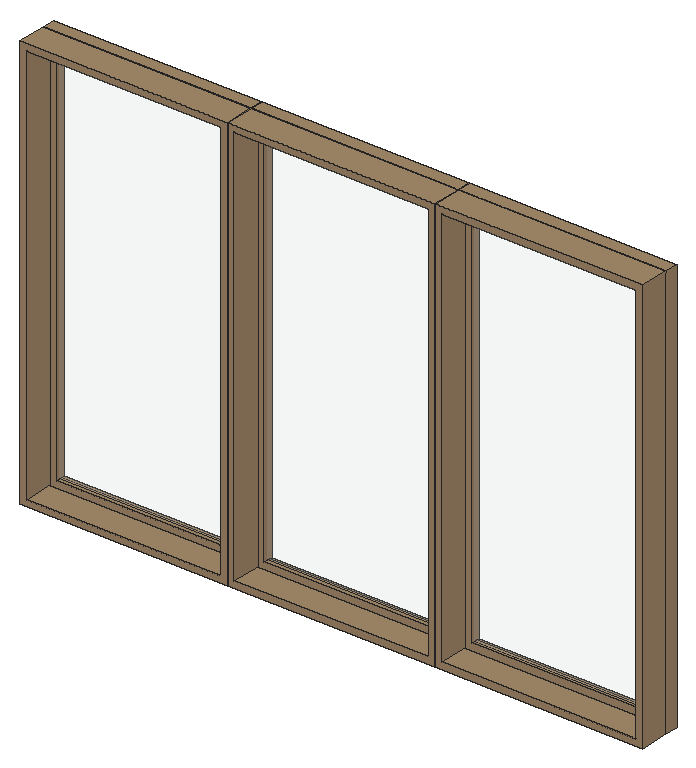
Revit family "3.00X2.00_Window_Vw", category Windows, host Wall, Revit 2021
Family settings
  Host = Wall
  OmniClass Number = 23.30.20.17.11
  OmniClass Title = Fixed Windows
  Always vertical = Yes
  Cut with Voids When Loaded = No
  Shared = No
  Room Calculation Point = No
Parameters (values of type "3.00 x 2.00")
  Window Width [instance] = 1.00 m
  Window Height [instance] = 2.00 m
  Visual Light Transmittance = 0.9
  Type Image = Artboard 1.png
  Thermal Resistance (R) = 1.53941 (h·ft²·°F)/BTU
  Solar Heat Gain Coefficient = 0.78
  Define Thermal Properties by = Schematic Type
  Construction Type Id = "GSP4R"
  Heat Transfer Coefficient (U) = 0.6496 BTU/(h·ft²·°F)
  Assembly Code = "B2020100"
  Glass Pane Material = Glass
  Height = 2.00 m
  Sash Material = Sash
  Default Sill Height = 0.9144 m
  Wall Closure = By host
  Width = 1.00 m
  Window Inset = 0.01905 m
  Analytic Construction = "1/8 in Pilkington single glazing"
Types (4, lengths in m): name | Type Image | Height | Width
  3.00 x 2.00 | Artboard 1.png | 2.00 | 1.00
  2 x 2 | <None> | 2.06 | 2.06
  0.53 | <None> | 2.10 | 0.53
  1 x 2 | <None> | 2.00 | 1.00
Reference planes (m)
  plane 1: y = 0
  plane 2: z = 0
  plane 3 "Center": x = -0.0381
  plane 4 "Left": x = -0.5381
  plane 5 "Right": x = 0.4619
  plane 6 "Sill": z = 0.9144
  plane 7 "Top": z = 2.9144
  plane 8: y = 0.1016
  plane 9: y = -0.1016
  plane 10: y = 0.08255
  plane 11: x = -0.51905
  plane 12: x = -0.50635
  plane 13: x = 0.44285
  plane 14: x = 0.43015
  plane 15: z = 2.89535
  plane 16: z = 2.88265
  plane 17: z = 0.94615
  plane 18 "Closure": y = 0.053975
Forms (m)
  Extrusion 1, solid, material "Sash" <- "Sash Material"
    sketch origin (0, 0, 0) x (1, 0, 0) y (0, 0, 1)
      loop
        line (-0.5381, 2.9144) -> (-0.5381, 0.9144) -> (0.4619, 0.9144) -> (0.4619, 2.9144) -> (-0.5381, 2.9144)
      loop
        line (-0.51905, 2.89535) -> (-0.51905, 0.93345) -> (0.44285, 0.93345) -> (0.44285, 2.89535) -> (-0.51905, 2.89535)
    from -0.1016 to -0.0381
  Extrusion 2, solid, material "Sash" <- "Sash Material"
    sketch origin (0, 0, 0) x (-1, 0, 0) y (0, 0, 1)
      loop
        line (-0.4619, 2.9144) -> (-0.4619, 0.9144) -> (0.5381, 0.9144) -> (0.5381, 2.9144) -> (-0.4619, 2.9144)
      loop
        line (-0.43015, 2.88265) -> (-0.43015, 0.94615) -> (0.50635, 0.94615) -> (0.50635, 2.88265) -> (-0.43015, 2.88265)
    from 0.0381 to -0.1016
  Extrusion 3, solid, material "Sash" <- "Sash Material"
    sketch origin (0, 0, 0) x (-1, 0, 0) y (0, 0, 1)
      loop
        line (-0.44285, 2.89535) -> (-0.44285, 0.93345) -> (0.51905, 0.93345) -> (0.51905, 2.89535) -> (-0.44285, 2.89535)
      loop
        line (-0.3984, 2.8509) -> (-0.3984, 0.9779) -> (0.4746, 0.9779) -> (0.4746, 2.8509) -> (-0.3984, 2.8509)
    from 0.0381 to 0.08255
  Extrusion 4, solid, material "Glass" <- "Glass Pane Material"
    sketch origin (-0.124971, 0, -0.117036) x (1, 0, 0) y (0, 0, 1)
      loop
        line (-0.349629, 2.967936) -> (-0.349629, 1.094936) -> (0.523371, 1.094936) -> (0.523371, 2.967936) -> (-0.349629, 2.967936)
    from -0.066675 to -0.053975
  Extrusion 5, solid, material "Sash" <- "Sash Material"
    sketch origin (-1, 0, 0) x (1, 0, 0) y (0, 0, 1)
      loop
        line (-0.5381, 2.9144) -> (-0.5381, 0.9144) -> (0.4619, 0.9144) -> (0.4619, 2.9144) -> (-0.5381, 2.9144)
      loop
        line (-0.51905, 2.89535) -> (-0.51905, 0.93345) -> (0.44285, 0.93345) -> (0.44285, 2.89535) -> (-0.51905, 2.89535)
    from -0.1016 to -0.0381
  Extrusion 6, solid, material "Sash" <- "Sash Material"
    sketch origin (-1, 0, 0) x (-1, 0, 0) y (0, 0, 1)
      loop
        line (-0.4619, 2.9144) -> (-0.4619, 0.9144) -> (0.5381, 0.9144) -> (0.5381, 2.9144) -> (-0.4619, 2.9144)
      loop
        line (-0.43015, 2.88265) -> (-0.43015, 0.94615) -> (0.50635, 0.94615) -> (0.50635, 2.88265) -> (-0.43015, 2.88265)
    from 0.0381 to -0.1016
  Extrusion 7, solid, material "Sash" <- "Sash Material"
    sketch origin (-1, 0, 0) x (-1, 0, 0) y (0, 0, 1)
      loop
        line (-0.44285, 2.89535) -> (-0.44285, 0.93345) -> (0.51905, 0.93345) -> (0.51905, 2.89535) -> (-0.44285, 2.89535)
      loop
        line (-0.3984, 2.8509) -> (-0.3984, 0.9779) -> (0.4746, 0.9779) -> (0.4746, 2.8509) -> (-0.3984, 2.8509)
    from 0.0381 to 0.08255
  Extrusion 8, solid, material "Glass" <- "Glass Pane Material"
    sketch origin (-1.124971, 0, -0.117036) x (1, 0, 0) y (0, 0, 1)
      loop
        line (-0.349629, 2.967936) -> (-0.349629, 1.094936) -> (0.523371, 1.094936) -> (0.523371, 2.967936) -> (-0.349629, 2.967936)
    from -0.066675 to -0.053975
  Extrusion 9, solid, material "Sash" <- "Sash Material"
    sketch origin (-2, 0, 0) x (1, 0, 0) y (0, 0, 1)
      loop
        line (-0.5381, 2.9144) -> (-0.5381, 0.9144) -> (0.4619, 0.9144) -> (0.4619, 2.9144) -> (-0.5381, 2.9144)
      loop
        line (-0.51905, 2.89535) -> (-0.51905, 0.93345) -> (0.44285, 0.93345) -> (0.44285, 2.89535) -> (-0.51905, 2.89535)
    from -0.1016 to -0.0381
  Extrusion 10, solid, material "Sash" <- "Sash Material"
    sketch origin (-2, 0, 0) x (-1, 0, 0) y (0, 0, 1)
      loop
        line (-0.4619, 2.9144) -> (-0.4619, 0.9144) -> (0.5381, 0.9144) -> (0.5381, 2.9144) -> (-0.4619, 2.9144)
      loop
        line (-0.43015, 2.88265) -> (-0.43015, 0.94615) -> (0.50635, 0.94615) -> (0.50635, 2.88265) -> (-0.43015, 2.88265)
    from 0.0381 to -0.1016
  Extrusion 11, solid, material "Sash" <- "Sash Material"
    sketch origin (-2, 0, 0) x (-1, 0, 0) y (0, 0, 1)
      loop
        line (-0.44285, 2.89535) -> (-0.44285, 0.93345) -> (0.51905, 0.93345) -> (0.51905, 2.89535) -> (-0.44285, 2.89535)
      loop
        line (-0.3984, 2.8509) -> (-0.3984, 0.9779) -> (0.4746, 0.9779) -> (0.4746, 2.8509) -> (-0.3984, 2.8509)
    from 0.0381 to 0.08255
  Extrusion 12, solid, material "Glass" <- "Glass Pane Material"
    sketch origin (-2.124971, 0, -0.117036) x (1, 0, 0) y (0, 0, 1)
      loop
        line (-0.349629, 2.967936) -> (-0.349629, 1.094936) -> (0.523371, 1.094936) -> (0.523371, 2.967936) -> (-0.349629, 2.967936)
    from -0.066675 to -0.053975
Lines and regions (m)
  Opening 1
    outline origin (-1.524, -0.1016, 0) x (1, 0, 0) y (0, 0, 1)
      loop
        line (0.9859, 2.9144) -> (0.9859, 0.9144) -> (1.9859, 0.9144) -> (1.9859, 2.9144) -> (0.9859, 2.9144)
  Opening 2
    outline origin (-1.01797, 0.1016, 0) x (-1, 0, 0) y (0, 0, 1)
      loop
        line (0.52013, 2.9144) -> (-0.47987, 2.9144) -> (-0.47987, 0.9144) -> (0.52013, 0.9144) -> (0.52013, 2.9144)
  Opening 3
    outline origin (-0.50333, 0.1016, -0.03175) x (-1, 0, 0) y (0, 0, 1)
      loop
        line (2.03477, 2.94615) -> (1.03477, 2.94615) -> (1.03477, 0.94615) -> (2.03477, 0.94615) -> (2.03477, 2.94615)
  symbolic lines, style "WindowsFrameMullionProjection"
    curve 1: line (-0.5381, 0.1016, 0) -> (-0.51905, 0.1016, 0)
    curve 2: line (-0.51905, 0.0381, 0) -> (-0.51905, 0.1016, 0)
    curve 3: line (-0.51905, 0.0381, 0) -> (-0.50635, 0.0381, 0)
    curve 4: line (-0.50635, -0.1016, 0) -> (-0.50635, 0.0381, 0)
    curve 5: line (0.4619, 0.1016, 0) -> (0.44285, 0.1016, 0)
    curve 6: line (0.43015, 0.0381, 0) -> (0.43015, -0.1016, 0)
    curve 7: line (0.43015, 0.0381, 0) -> (0.44285, 0.0381, 0)
    curve 8: line (0.44285, 0.0381, 0) -> (0.44285, 0.1016, 0)
    curve 9: line (-0.51905, 0.08255, 0) -> (-0.4746, 0.08255, 0)
    curve 10: line (-0.51905, 0.08255, 0) -> (-0.51905, 0.0381, 0)
    curve 11: line (-0.51905, 0.0381, 0) -> (-0.4746, 0.0381, 0)
    curve 12: line (-0.4746, 0.08255, 0) -> (-0.4746, 0.0381, 0)
    curve 13: line (0.44285, 0.08255, 0) -> (0.3984, 0.08255, 0)
    curve 14: line (0.44285, 0.08255, 0) -> (0.44285, 0.0381, 0)
    curve 15: line (0.44285, 0.0381, 0) -> (0.3984, 0.0381, 0)
    curve 16: line (0.3984, 0.08255, 0) -> (0.3984, 0.0381, 0)
    curve 18: line (-0.50635, -0.1016, 0) -> (-0.5381, -0.1016, 0)
    curve 19: line (0.43015, -0.1016, 0) -> (0.4619, -0.1016, 0)
  symbolic lines, style "WindowsGlassProjection"
    curve 17: line (-0.4746, 0.060325, 0) -> (0.3984, 0.060325, 0)
Text (m)
  text "EXTERIOR" at (-1.437207, 1.354346, 0), in view "Floor Line"
  text "INTERIOR" at (-1.490695, -1.070518, 0), in view "Floor Line"
  text "Exterior" at (0, 1.10887, 3.415022), in view "Left"
  text "Exterior" at (0, 0.464664, 3.176206), in view "Right"
Dimensions and locks (m)
  equal spacing: plane 4 "Left", plane 3 "Center", plane 5 "Right"
  "Window Width": plane 4 "Left" to plane 5 "Right"
  plane 2 to plane 6 "Sill" to plane 16 to plane 7 "Top" = 0.9144 m, 1.96825 m, 0.03175 m
  "Window Inset": plane 8 to plane 10
  locked: plane 10 to Extrusion 3 at 0.04445
  locked: plane 10 to Extrusion 4 at 0.015875
  locked: Extrusion 4 to Extrusion 4 at 0.0127
  locked: plane 4 "Left" to plane 11 at 0.01905
  locked: plane 13 to plane 5 "Right" at 0.01905
  locked: plane 14 to plane 5 "Right" at 0.03175
  locked: plane 4 "Left" to plane 12 at 0.03175
  locked: plane 15 to plane 7 "Top" at 0.01905
  locked: plane 7 "Top" to plane 16 at 0.03175
  locked: plane 17 to plane 6 "Sill" at 0.03175
  "Window Height": plane 7 "Top" to plane 6 "Sill"
  "Default Sill Height": plane 6 "Sill" to plane 2
  locked: plane 10 to plane 18 "Closure" at 0.028575
  aligned and locked: plane 7 "Top" to Opening 1 sketch curve
  aligned and locked: plane 6 "Sill" to Opening 1 sketch curve  (x2)
  aligned and locked: plane 5 "Right" to Opening 1 sketch curve
  aligned and locked: plane 4 "Left" to Opening 1 sketch curve
  aligned and locked: plane 9 to host wall
  aligned and locked: host wall to Extrusion 2
  aligned and locked: plane 10 to Extrusion 3
  aligned and locked: plane 8 to host wall
  aligned and locked: host wall to Extrusion 1
  aligned and locked: Extrusion 2 to Extrusion 1
  aligned and locked: Extrusion 1 to Extrusion 3
  aligned and locked: Extrusion 4 sketch curve to Extrusion 3  (x4)
  aligned and locked: curve 5 to Extrusion 1  (x2)
  aligned and locked: curve 6 to Extrusion 2
  aligned and locked: curve 4 to Extrusion 2
  aligned and locked: curve 16 to Extrusion 3
  aligned and locked: Extrusion 1 to curve 11
  aligned and locked: Extrusion 1 to curve 7
  aligned and locked: host wall to Extrusion 6
  aligned and locked: host wall to Extrusion 5
  aligned and locked: Extrusion 6 to Extrusion 5
  aligned and locked: Extrusion 5 to Extrusion 7
  aligned and locked: Extrusion 8 sketch curve to Extrusion 7  (x4)
  aligned and locked: host wall to Extrusion 10
  aligned and locked: host wall to Extrusion 9
  aligned and locked: Extrusion 10 to Extrusion 9
  aligned and locked: Extrusion 9 to Extrusion 11
  aligned and locked: Extrusion 12 sketch curve to Extrusion 11  (x4)
Automatic sketch dimensions
  Extrusion 1 sketch curve to plane 4 "Left" = 0.00 m
  Extrusion 1 sketch curve to plane 5 "Right" = 0.00 m
  Extrusion 1 sketch curve to plane 4 "Left" = 0.01905 m
  plane 5 "Right" to Extrusion 1 sketch curve = 0.01905 m
  Extrusion 1 sketch curve to plane 6 "Sill" = 0.00 m
  Extrusion 1 sketch curve to plane 7 "Top" = 0.00 m
  Extrusion 1 sketch curve to plane 6 "Sill" = 0.01905 m
  plane 7 "Top" to Extrusion 1 sketch curve = 0.01905 m
  Extrusion 2 sketch curve to plane 5 "Right" = 0.00 m
  Extrusion 2 sketch curve to plane 4 "Left" = 0.00 m
  plane 5 "Right" to Extrusion 2 sketch curve = 0.03175 m
  Extrusion 2 sketch curve to plane 4 "Left" = 0.03175 m
  Extrusion 2 sketch curve to plane 6 "Sill" = 0.00 m
  Extrusion 2 sketch curve to plane 7 "Top" = 0.00 m
  Extrusion 2 sketch curve to plane 6 "Sill" = 0.03175 m
  plane 7 "Top" to Extrusion 2 sketch curve = 0.03175 m
  plane 5 "Right" to Extrusion 3 sketch curve = 0.01905 m
  plane 5 "Right" to Extrusion 3 sketch curve = 0.0635 m
  Extrusion 3 sketch curve to plane 4 "Left" = 0.0635 m
  Extrusion 3 sketch curve to plane 4 "Left" = 0.01905 m
  Extrusion 3 sketch curve to plane 6 "Sill" = 0.01905 m
  Extrusion 3 sketch curve to plane 6 "Sill" = 0.0635 m
  plane 7 "Top" to Extrusion 3 sketch curve = 0.0635 m
  plane 7 "Top" to Extrusion 3 sketch curve = 0.01905 m
  Opening 2 sketch curve to plane 7 "Top" = 0.00 m
  Opening 2 sketch curve to plane 6 "Sill" = 0.00 m
  plane 4 "Left" to Opening 2 sketch curve = 0.00 m
  Opening 2 sketch curve to Opening 2 sketch curve = 1.00 m
  Extrusion 5 sketch curve to plane 6 "Sill" = 0.00 m
  Extrusion 5 sketch curve to plane 7 "Top" = 0.00 m
  Extrusion 5 sketch curve to plane 15 = 0.00 m
  plane 4 "Left" to Extrusion 5 sketch curve = 1.00 m
  plane 17 to Extrusion 5 sketch curve = 0.0127 m
  Extrusion 5 sketch curve to Extrusion 5 sketch curve = 0.01905 m  (x2)
  plane 4 "Left" to Extrusion 5 sketch curve = 0.01905 m
  Extrusion 6 sketch curve to plane 6 "Sill" = 0.00 m
  Extrusion 6 sketch curve to plane 7 "Top" = 0.00 m
  Extrusion 6 sketch curve to plane 17 = 0.00 m
  Extrusion 6 sketch curve to plane 16 = 0.00 m
  plane 4 "Left" to Extrusion 6 sketch curve = 0.00 m
  Extrusion 6 sketch curve to Extrusion 6 sketch curve = 0.03175 m  (x2)
  Extrusion 6 sketch curve to Extrusion 6 sketch curve = 0.9365 m
  Extrusion 7 sketch curve to plane 15 = 0.00 m
  plane 17 to Extrusion 7 sketch curve = 0.0127 m
  plane 4 "Left" to Extrusion 7 sketch curve = 0.01905 m
  Extrusion 7 sketch curve to Extrusion 7 sketch curve = 0.04445 m  (x2)
  plane 16 to Extrusion 7 sketch curve = 0.03175 m
  Extrusion 7 sketch curve to Extrusion 7 sketch curve = 0.873 m
  Extrusion 7 sketch curve to plane 17 = 0.03175 m
  host wall to curve 18 = 0.00 m
  curve 18 to plane 4 "Left" = 0.00 m
  curve 1 to host wall = 0.00 m
  curve 1 to plane 4 "Left" = 0.00 m
  curve 2 to plane 11 = 0.00 m
  curve 9 to plane 10 = 0.00 m
  curve 14 to plane 10 = 0.00 m
  curve 14 to plane 13 = 0.00 m
  host wall to curve 19 = 0.00 m
  curve 19 to plane 5 "Right" = 0.00 m
  curve 11 to plane 12 = 0.03175 m
  curve 17 to plane 18 "Closure" = 0.00635 m
  plane 17 to Opening 3 sketch curve = 0.03175 m
  Opening 3 sketch curve to plane 7 "Top" = 0.00 m
  plane 4 "Left" to Opening 3 sketch curve = 1.00 m
  Opening 3 sketch curve to Opening 3 sketch curve = 1.00 m
  plane 17 to Extrusion 9 sketch curve = 0.03175 m
  plane 4 "Left" to Extrusion 9 sketch curve = 2.00 m
  Extrusion 9 sketch curve to Extrusion 9 sketch curve = 0.01905 m  (x3)
  plane 7 "Top" to Extrusion 9 sketch curve = 0.01905 m
  Extrusion 9 sketch curve to Extrusion 9 sketch curve = 0.9619 m
  plane 17 to Extrusion 9 sketch curve = 0.0127 m
  plane 17 to Extrusion 10 sketch curve = 0.03175 m
  plane 7 "Top" to Extrusion 10 sketch curve = 0.03175 m
  plane 4 "Left" to Extrusion 10 sketch curve = 1.00 m
  Extrusion 10 sketch curve to Extrusion 10 sketch curve = 0.03175 m  (x2)
  Extrusion 10 sketch curve to Extrusion 10 sketch curve = 0.9365 m
  Extrusion 10 sketch curve to plane 17 = 0.00 m
  Extrusion 10 sketch curve to plane 7 "Top" = 0.00 m
  plane 16 to Extrusion 11 sketch curve = 0.03175 m
  plane 17 to Extrusion 11 sketch curve = 0.0127 m
  plane 4 "Left" to Extrusion 11 sketch curve = 1.01905 m
  Extrusion 11 sketch curve to Extrusion 11 sketch curve = 0.04445 m  (x3)
  Extrusion 11 sketch curve to Extrusion 11 sketch curve = 0.873 m
  plane 7 "Top" to Extrusion 11 sketch curve = 0.01905 m
